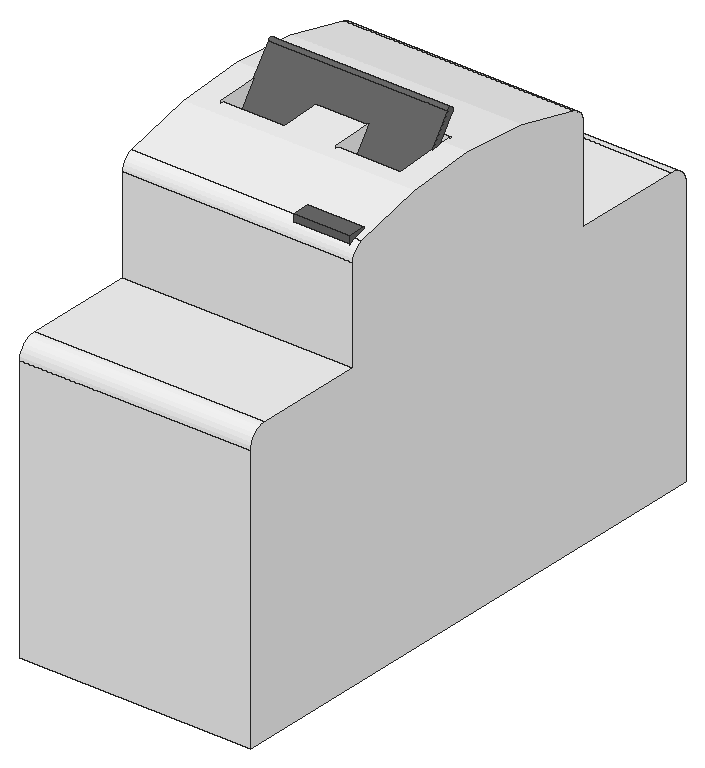
Revit family "Power-ModularDevices-GEWISS-90RCD-MDC100_2P", category Apparecchi elettrici, host Superficie, Revit 2016
Family settings
  Host = Superficie
  Mantenere orientamento annotazione = Sì
  Tipo di parte = Normale
  Quota connettore circolare = Usa diametro
  Numero OmniClass = 23.80.30.14
  Titolo OmniClass = Power Distribution
  Taglio con vuoti quando caricato = No
  Condiviso = Sì
  Punto di calcolo locali = Sì
Parameters (values of type "GW95841 - COMPACT RCBO 2P B13 10KA AIR/0,03 2M")
  Vista di pianta [instance] = yes
  Voltaggio = 230 V
  Version file RFA = "19.0"
  URL = "https://www.gewiss.com/ww/en"
  Type: = "A[IR]"
  Type = "A(IR)"
  Technical sheet = "https://www.gewiss.com/ww/en/search?q=GW95841"
  Stocking temperature = "-40 +70 °C"
  Standard; = "IEC/EN 61009-1, IEC/EN 61009-2-1"
  Standard = "EN 61009-1"
  Spessore = 150 mm
  Simbolo tipo = yes
  Simbolo [instance] = yes
  Section rigid cable = "<=1x35 - <=2x16 - <=1x16+2x10 mm²"
  Section flexible cable = "<=1x35 - <=2x16 - <=1x16+2x10 mm²"
  SEO = "RCCB"
  Realized by GEWISS S.p.A. = ""
  ReStart compatibility = "Yes"
  Rated voltage (EN/IEC 61009-1, 61009-2-1) = "230/240 V"
  Rated voltage = "230V"
  Rated tightening torque = "2 Nm"
  Rated residual operating current = "30 mA"
  Rated insulation voltage (Ui) = "500V"
  Rated impulse withstand voltage = "4KV"
  Rated frequency (Hz) = "50/60 Hz"
  Rated current: = "13A"
  Rated current (In) = "13A"
  Default Elevation = 1219.2 mm
  Produttore = "GEWISS S.p.A."
  Precision = "30 mA"
  Parti incassate = yes
  Overvoltage category = "III"
  Operating temperature = "-25 +40 °C"
  Numero di poli_ = 2
  Number of poles = "2P"
  No. of poles = "2P"
  No. of modules EN 50022 = "2"
  No. modules = "2"
  Modello = "GW95841"
  Mechanical endurance = "20.000"
  Level of immunity (8/20 Âµs) = "3000A"
  Larghezza = 36 mm  # constant formula
  Label = "MDC 100"
  Interuttore = GW - grigio scuro
  Insulation voltage = "500V"
  Immagine tipo = GW94006.jpg
  Idn = "30MA"
  IFC.TypeObject = ""
  IFC.ExportType = ""
  IFC.ExportAs = ""
  IDT = "714fe196-de76-41c7-887b-bffd1e399468"
  IDF = "5f67d62a-e56c-4c8a-898d-2f42b0347686"
  Finitura = GW - grigio chiaro
  Electrocod = "1413"
  Electrical endurance = "10000"
  EAN code = "8011564762466"
  Double connection = "YES (only down stream)"
  Distanza orizzontale del simbolo [instance] = 0 mm
  Distanza dal piano [instance] = 3 mm
  Distanza dal muro [instance] = 4.208 mm
  Descrizione = "COMPACT RCBO 2P B13 10KA AIR/0,03 2M"
  Description = "RCCB WITH OVERCURRENT PROTECTION"
  Curve = "B"
  Cornice simbolo [instance] = yes
  Catalogue Range = "90 RCD"
  Catalogue = "POWER"
  Carico apparente = 0 VA
  COBie.Tagnumber = ""
  COBie.CreatedOn = ""
  COBie.CreatebBy = ""
  COBie.ComponentRegisterItemID = ""
  COBie.Component.TagNumber = ""
  COBie.Component.Space = ""
  COBie.Component.SerialNumber = ""
  COBie.Component.InstallationDate = ""
  COBie.Component.Description = ""
  COBie.Component.BarCode = ""
  Breaking capacity EN 61009-1 230V (Icn) = "10000A"
  Breaking capacity EN 61009-1 110V (Icn) = ""
  Breaking capacity EN 61009-1 (Ics) = "0.75 x Icn"
  Breaking capacity EN 60947-2 230V (Icu) = "10KA"
  Breaking capacity EN 60947-2 110V (Icu) = ""
  Breaking capacity EN 60947-2 (Ics) = "75% Icu"
  Auxiliaries compatibility = "Yes"
  Assembly position: = "Any"
  Altezza = 85 mm
Values of the unnamed type that differ from the named types
  Version file RFA = ""
  Stocking temperature = ""
  Standard; = ""
  Standard = ""
  Section rigid cable = ""
  Section flexible cable = ""
  SEO = ""
  ReStart compatibility = ""
  Rated tightening torque = ""
  Rated insulation voltage (Ui) = ""
  Rated impulse withstand voltage = ""
  Rated frequency (Hz) = ""
  Overvoltage category = ""
  Operating temperature = ""
  Number of poles = ""
  No. of poles = ""
  No. of modules EN 50022 = ""
  No. modules = ""
  Mechanical endurance = ""
  Insulation voltage = ""
  IDF = ""
  Electrocod = ""
  Electrical endurance = ""
  Double connection = ""
  Description = ""
  Catalogue Range = ""
  Catalogue = ""
  Breaking capacity EN 61009-1 (Ics) = ""
  Breaking capacity EN 60947-2 (Ics) = ""
  Auxiliaries compatibility = ""
  Assembly position: = ""
Reference planes
  plane 1 "Centro (Fronte/Retro)": y = 0
  plane 2: z = 0
  plane 3 "Centro (Sinistra/Destra)": x = 0
  plane 4: x = -18
  plane 5: x = 18
  plane 6: y = 42.5
  plane 7: y = -42.5
  plane 8: z = 60
  plane 9 "fori": z = -7
  plane 10: x = 4
  plane 11: x = -4
  plane 12 "scritta": z = 11.951
  plane 13: z = 76.771
  plane 14: y = -24.168
  plane 15: y = -19.765
  plane 16: x = -13.969
  plane 17: x = -5.87
  plane 18: x = 16.787
  plane 19: x = 8.031
  plane 20: z = -51.441
  plane 21: z = 1.622
  plane 22: z = 8.951
  plane 23: z = 14.352
  plane 24: through (0, -3.625, 76.111) normal (0, -0.809, 0.5878)
  plane 25: y = -8.226
  plane 26: y = 1.53
  plane 27: y = -22.5
  plane 28: y = 22.5
  plane 29: x = 14.016
  plane 30: z = 10.64
  plane 31: x = 0
  plane 32: z = -10
Forms (mm)
  Extrusion 1, solid, material "GW - grigio chiaro" <- "Finitura"
    sketch origin (0, 0, 15.559) x (0, 1, 0) y (0, 0, 1)
      loop
        line (39.866, -22.559) -> (22.5, -22.559) -> (22.5, -7.841)
        arc (22.5, -7.841) -> (21.957, -6.404) -> (20.702, -5.517) r 2.623
        arc (20.702, -5.517) -> (-0.001, -2.199) -> (-20.704, -5.517) r 66.237
        arc (-20.704, -5.517) -> (-21.952, -6.396) -> (-22.5, -7.82) r 2.623
        line (-22.5, -7.82) -> (-22.5, -22.559) -> (-39.676, -22.559)
        arc (-39.676, -22.559) -> (-41.673, -23.386) -> (-42.5, -25.383) r 2.824
        line (-42.5, -25.383) -> (-42.5, -67) -> (42.5, -67) -> (42.5, -25.193)
        arc (42.5, -25.193) -> (41.728, -23.33) -> (39.866, -22.559) r 2.634
    from -18 to 18
  Extrusion 2, solid, material "GW - grigio scuro" <- "Interuttore"
    sketch origin (0, 0, 11.951) x (0, -1, 0) y (1, 0, 0)
      loop
        line (21.557, 8.031) -> (21.557, 16.787) -> (18.792, 16.787) -> (18.792, 8.031) -> (21.557, 8.031)
    from -3 to -1.31
  Extrusion 3, void
    sketch origin (0, 0, 11.951) x (0, -1, 0) y (1, 0, 0)
      loop
        line (8.226, -13.969) -> (8.226, -4) -> (-1.53, -4) -> (-1.53, -13.969) -> (8.226, -13.969)
      loop
        line (8.226, 4) -> (8.226, 14.016) -> (-1.53, 14.016) -> (-1.53, 4) -> (8.226, 4)
    from -3 to 2.401
  Extrusion 4, solid, material "GW - grigio scuro" <- "Interuttore"
    sketch origin (0, 0, -67) x (0, 1, 0) y (0, 0, 1)
      loop
        line (-3.741, 75.951) -> (1.868, 83.671)
        arc (1.868, 83.671) -> (1.773, 84.475) -> (0.978, 84.317) r 0.552
        line (0.978, 84.317) -> (-5.101, 75.951) -> (-3.741, 75.951)
    from -13.969 to 14.016
  Extrusion 5, solid, material "GW - grigio scuro" <- "Interuttore", not visible
    sketch origin (-4.72, 0, 0) x (0, 1, 0) y (0, 0, 1)
      loop
        line (-3.741, 75.951) -> (1.868, 83.671)
        arc (1.868, 83.671) -> (1.773, 84.475) -> (0.978, 84.317) r 0.552
        line (0.978, 84.317) -> (-5.101, 75.951) -> (-3.741, 75.951)
    from -13.969 to 14.016
Cuts and joins
  Extrusion 3 cuts Extrusion 1
Lines and regions (mm)
  Masking region 1, visible <- "Vista di pianta"
    outline origin (0, 0, 0) x (1, 0, 0) y (0, 0, 1)
      loop
        line (-18, 14.352) -> (-18, -51.441) -> (18, -51.441) -> (18, 14.352) -> (-18, 14.352)
  Masking region 2
    outline origin (0, 0, 0) x (0, 1, 0) y (0, 0, 1)
      loop
        line (42.5, -51.441) -> (42.5, -9.634)
        arc (42.5, -9.634) -> (41.728, -7.772) -> (39.866, -7) r 2.634
        line (39.866, -7) -> (22.5, -7) -> (22.5, 7.718)
        arc (22.5, 7.718) -> (21.957, 9.155) -> (20.702, 10.041) r 2.623
        arc (20.702, 10.041) -> (-0.001, 13.36) -> (-20.704, 10.041) r 66.237
        arc (-20.704, 10.041) -> (-21.952, 9.163) -> (-22.5, 7.738) r 2.623
        line (-22.5, 7.738) -> (-22.5, -7) -> (-39.676, -7)
        arc (-39.676, -7) -> (-41.673, -7.827) -> (-42.5, -9.824) r 2.824
        line (-42.5, -9.824) -> (-42.5, -51.441) -> (42.5, -51.441)
  model lines, not visible, detail levels medium+fine
    curve 1: circle (9, -31.836, 66.346) r 2.5 normal (0, 0, -1)
    curve 2: circle (-9, -31.836, 66.346) r 2.5 normal (0, 0, -1)
  model lines, detail levels medium+fine
    curve 3: circle (9, 33.75, -7) r 2.5 normal (0, 0, -1)
    curve 4: circle (-9, 33.75, -7) r 2.5 normal (0, 0, -1)
    curve 287: circle (9, -33.75, -7) r 2.5 normal (0, 0, 1)
    curve 288: circle (-9, -33.75, -7) r 2.5 normal (0, 0, 1)
  symbolic lines, style "GW - SCRITTA", detail levels fine
    curve 5: arc (-15.165, -21.823, 11.951) -> (-17.595, -19.39, 11.951) -> (-15.161, -16.962, 11.951) r 2.43
    curve 6: arc (2.833, -21.823, 11.951) -> (4.397, -20.632, 11.951) -> (4.872, -18.725, 11.951) r 2.964
    curve 7: arc (2.546, -16.962, 11.951) -> (3.73, -17.451, 11.951) -> (4.69, -18.298, 11.951) r 3.884
    curve 12: line (-14.125, -18.725, 11.951) -> (-14.125, -21.823, 11.951)
    curve 13: line (-14.125, -16.962, 11.951) -> (-14.125, -18.298, 11.951)
    curve 14: line (-14.125, -18.298, 11.951) -> (-15.887, -18.298, 11.951)
    curve 15: line (-15.887, -18.298, 11.951) -> (-15.887, -20.487, 11.951)
    curve 16: line (-15.458, -20.487, 11.951) -> (-15.458, -18.725, 11.951)
    curve 17: line (-15.458, -18.725, 11.951) -> (-14.125, -18.725, 11.951)
    curve 18: line (-9.932, -21.823, 11.951) -> (-13.697, -21.823, 11.951)
    curve 19: line (-13.697, -21.823, 11.951) -> (-13.697, -16.962, 11.951)
    curve 20: line (-13.697, -16.962, 11.951) -> (-11.694, -16.962, 11.951)
    curve 21: line (-11.694, -16.962, 11.951) -> (-11.694, -18.297, 11.951)
    curve 22: line (-12.363, -18.724, 11.951) -> (-9.932, -18.724, 11.951)
    curve 23: line (-9.932, -18.724, 11.951) -> (-9.932, -20.06, 11.951)
    curve 24: line (-9.932, -20.06, 11.951) -> (-12.362, -20.06, 11.951)
    curve 25: line (-12.362, -20.487, 11.951) -> (-9.932, -20.487, 11.951)
    curve 26: line (-9.932, -20.487, 11.951) -> (-9.932, -21.823, 11.951)
    curve 27: line (-3.122, -21.823, 11.951) -> (-3.122, -18.725, 11.951)
    curve 28: line (-3.122, -18.725, 11.951) -> (-4.457, -18.725, 11.951)
    curve 29: line (-4.457, -18.725, 11.951) -> (-4.457, -21.823, 11.951)
    curve 30: line (-4.457, -21.823, 11.951) -> (-3.122, -21.823, 11.951)
    curve 31: line (-7.595, -21.823, 11.951) -> (-7.195, -19.82, 11.951)
    curve 32: line (-7.195, -19.82, 11.951) -> (-6.794, -21.823, 11.951)
    curve 33: line (-6.794, -21.823, 11.951) -> (-5.459, -21.823, 11.951)
    curve 34: line (-5.459, -21.823, 11.951) -> (-4.631, -18.298, 11.951)
    curve 35: line (-4.631, -18.298, 11.951) -> (-3.122, -18.298, 11.951)
    curve 36: line (-3.122, -18.298, 11.951) -> (-3.122, -16.962, 11.951)
    curve 37: line (-3.122, -16.962, 11.951) -> (-5.686, -16.962, 11.951)
    curve 38: line (-5.686, -16.962, 11.951) -> (-6.166, -19.018, 11.951)
    curve 39: line (-6.166, -19.018, 11.951) -> (-6.5, -16.962, 11.951)
    curve 40: line (-6.5, -16.962, 11.951) -> (-7.889, -16.962, 11.951)
    curve 41: line (-7.889, -16.962, 11.951) -> (-8.223, -19.018, 11.951)
    curve 42: line (-8.223, -19.018, 11.951) -> (-8.703, -16.962, 11.951)
    curve 43: line (-8.703, -16.962, 11.951) -> (-11.267, -16.962, 11.951)
    curve 44: line (-11.267, -16.962, 11.951) -> (-11.267, -18.298, 11.951)
    curve 45: line (-11.267, -18.298, 11.951) -> (-9.758, -18.298, 11.951)
    curve 46: line (-9.758, -18.298, 11.951) -> (-8.932, -21.823, 11.951)
    curve 47: line (-8.932, -21.823, 11.951) -> (-7.595, -21.823, 11.951)
    curve 48: line (1.071, -16.962, 11.951) -> (-2.695, -16.962, 11.951)
    curve 49: line (-2.695, -16.962, 11.951) -> (-2.695, -20.06, 11.951)
    curve 50: line (-2.695, -20.06, 11.951) -> (-0.265, -20.06, 11.951)
    curve 51: line (-0.265, -20.487, 11.951) -> (-2.695, -20.487, 11.951)
    curve 52: line (-2.695, -20.487, 11.951) -> (-2.695, -21.823, 11.951)
    curve 53: line (-2.695, -21.823, 11.951) -> (1.071, -21.823, 11.951)
    curve 54: line (1.071, -21.823, 11.951) -> (1.071, -18.725, 11.951)
    curve 55: line (1.071, -18.725, 11.951) -> (-1.359, -18.725, 11.951)
    curve 56: line (-1.359, -18.298, 11.951) -> (1.071, -18.298, 11.951)
    curve 57: line (1.071, -18.298, 11.951) -> (1.071, -16.962, 11.951)
    curve 58: line (1.498, -16.962, 11.951) -> (1.498, -20.06, 11.951)
    curve 59: line (1.498, -20.06, 11.951) -> (3.764, -20.06, 11.951)
    curve 60: line (3.764, -20.487, 11.951) -> (1.498, -20.487, 11.951)
    curve 61: line (1.498, -20.487, 11.951) -> (1.498, -21.823, 11.951)
    curve 62: line (1.498, -21.823, 11.951) -> (2.833, -21.823, 11.951)
    curve 135: line (-15.161, -16.962, 11.951) -> (-14.125, -16.962, 11.951)
    curve 136: line (-15.165, -21.823, 11.951) -> (-14.125, -21.823, 11.951)
    curve 137: line (-15.887, -20.487, 11.951) -> (-15.458, -20.487, 11.951)
    curve 138: line (-11.694, -18.297, 11.951) -> (-12.363, -18.297, 11.951)
    curve 139: line (-12.363, -18.724, 11.951) -> (-12.363, -18.297, 11.951)
    curve 140: line (-12.362, -20.487, 11.951) -> (-12.362, -20.06, 11.951)
    curve 141: line (-1.359, -18.725, 11.951) -> (-1.359, -18.298, 11.951)
    curve 142: line (-0.265, -20.06, 11.951) -> (-0.265, -20.487, 11.951)
    curve 143: line (1.498, -16.962, 11.951) -> (2.546, -16.962, 11.951)
  symbolic lines, style "GW - SCRITTA", detail levels medium+fine
    curve 8: line (8.031, -21.557, 11.951) -> (8.031, -18.792, 11.951)
    curve 9: line (8.031, -18.792, 11.951) -> (16.787, -18.792, 11.951)
    curve 10: line (16.787, -18.792, 11.951) -> (16.787, -21.557, 11.951)
    curve 11: line (16.787, -21.557, 11.951) -> (8.031, -21.557, 11.951)
    curve 67: line (-17.749, 1.53, 11.951) -> (17.796, 1.53, 11.951)
    curve 68: line (-13.969, -8.226, 11.951) -> (-13.969, 1.53, 11.951)
    curve 69: line (-3.984, -2.97, 11.951) -> (-13.969, -2.97, 11.951)
    curve 70: line (-3.984, -4.97, 11.951) -> (-13.969, -4.97, 11.951)
    curve 71: line (-3.984, 1.53, 11.951) -> (-3.984, -8.226, 11.951)
    curve 73: line (4.031, -8.226, 11.951) -> (4.031, 1.53, 11.951)
    curve 75: line (14.016, -2.97, 11.951) -> (4.031, -2.97, 11.951)
    curve 76: line (14.016, -4.97, 11.951) -> (4.031, -4.97, 11.951)
    curve 77: line (14.016, 1.53, 11.951) -> (14.016, -8.226, 11.951)
  symbolic lines, style "PLANIMETRIA", detail levels fine
    curve 63: line (4.872, -18.725, 11.951) -> (2.833, -18.725, 11.951)
    curve 64: line (2.833, -18.298, 11.951) -> (4.69, -18.298, 11.951)
  symbolic lines, style "GW - SCRITTA"
    curve 65: line (-18, 22.5, 11.951) -> (18, 22.5, 11.951)
    curve 66: line (-18, -13.226, 11.951) -> (18, -13.226, 11.951)
    curve 74: line (-18, -8.226, 11.951) -> (18, -8.226, 11.951)
    curve 130: line (-18, 11.03, 11.951) -> (18, 11.03, 11.951)
  symbolic lines, style "PLANIMETRIA"
    curve 72: line (-18, -22.5, 11.951) -> (18, -22.5, 11.951)
    curve 132: line (-18, 22.5, 11.951) -> (-18, -22.5, 11.951)
    curve 133: line (18, -22.5, 11.951) -> (18, 22.5, 11.951)
  symbolic lines, style "GW - SCRITTA", visible <- "Parti incassate"
    curve 78: line (18, -42.5, 11.951) -> (18, -22.5, 11.951)
    curve 79: line (18, 42.5, 11.951) -> (-18, 42.5, 11.951)
    curve 80: line (-18, 42.5, 11.951) -> (-18, 22.5, 11.951)
    curve 81: line (-18, -42.5, 11.951) -> (18, -42.5, 11.951)
    curve 131: line (18, 22.5, 11.951) -> (18, 42.5, 11.951)
    curve 134: line (-18, -22.5, 11.951) -> (-18, -42.5, 11.951)
  symbolic lines, style "GW - SCRITTA", visible <- "Parti incassate", detail levels fine
    curve 82: line (-9, 31.163, 11.951) -> (-10.293, 31.51, 11.951)
    curve 83: line (-10.293, 31.51, 11.951) -> (-11.24, 32.457, 11.951)
    curve 84: line (-11.24, 32.457, 11.951) -> (-11.587, 33.75, 11.951)
    curve 85: line (-11.587, 33.75, 11.951) -> (-11.24, 35.043, 11.951)
    curve 86: line (-11.24, 35.043, 11.951) -> (-10.293, 35.99, 11.951)
    curve 87: line (-10.293, 35.99, 11.951) -> (-9, 36.337, 11.951)
    curve 88: line (-9, 36.337, 11.951) -> (-7.707, 35.99, 11.951)
    curve 89: line (-7.707, 35.99, 11.951) -> (-6.76, 35.043, 11.951)
    curve 90: line (-6.76, 35.043, 11.951) -> (-6.413, 33.75, 11.951)
    curve 91: line (-6.413, 33.75, 11.951) -> (-6.76, 32.457, 11.951)
    curve 92: line (-6.76, 32.457, 11.951) -> (-7.707, 31.51, 11.951)
    curve 93: line (-7.707, 31.51, 11.951) -> (-9, 31.163, 11.951)
    curve 94: line (-9, -36.337, 11.951) -> (-10.293, -35.99, 11.951)
    curve 95: line (-10.293, -35.99, 11.951) -> (-11.24, -35.043, 11.951)
    curve 96: line (-11.24, -35.043, 11.951) -> (-11.587, -33.75, 11.951)
    curve 97: line (-11.587, -33.75, 11.951) -> (-11.24, -32.457, 11.951)
    curve 98: line (-11.24, -32.457, 11.951) -> (-10.293, -31.51, 11.951)
    curve 99: line (-10.293, -31.51, 11.951) -> (-9, -31.163, 11.951)
    curve 100: line (-9, -31.163, 11.951) -> (-7.707, -31.51, 11.951)
    curve 101: line (-7.707, -31.51, 11.951) -> (-6.76, -32.457, 11.951)
    curve 102: line (-6.76, -32.457, 11.951) -> (-6.413, -33.75, 11.951)
    curve 103: line (-6.413, -33.75, 11.951) -> (-6.76, -35.043, 11.951)
    curve 104: line (-6.76, -35.043, 11.951) -> (-7.707, -35.99, 11.951)
    curve 105: line (-7.707, -35.99, 11.951) -> (-9, -36.337, 11.951)
    curve 106: line (9, 31.163, 11.951) -> (10.293, 31.51, 11.951)
    curve 107: line (10.293, 31.51, 11.951) -> (11.24, 32.457, 11.951)
    curve 108: line (11.24, 32.457, 11.951) -> (11.587, 33.75, 11.951)
    curve 109: line (11.587, 33.75, 11.951) -> (11.24, 35.043, 11.951)
    curve 110: line (11.24, 35.043, 11.951) -> (10.293, 35.99, 11.951)
    curve 111: line (10.293, 35.99, 11.951) -> (9, 36.337, 11.951)
    curve 112: line (9, 36.337, 11.951) -> (7.707, 35.99, 11.951)
    curve 113: line (7.707, 35.99, 11.951) -> (6.76, 35.043, 11.951)
    curve 114: line (6.76, 35.043, 11.951) -> (6.413, 33.75, 11.951)
    curve 115: line (6.413, 33.75, 11.951) -> (6.76, 32.457, 11.951)
    curve 116: line (6.76, 32.457, 11.951) -> (7.707, 31.51, 11.951)
    curve 117: line (7.707, 31.51, 11.951) -> (9, 31.163, 11.951)
    curve 118: line (9, -36.337, 11.951) -> (10.293, -35.99, 11.951)
    curve 119: line (10.293, -35.99, 11.951) -> (11.24, -35.043, 11.951)
    curve 120: line (11.24, -35.043, 11.951) -> (11.587, -33.75, 11.951)
    curve 121: line (11.587, -33.75, 11.951) -> (11.24, -32.457, 11.951)
    curve 122: line (11.24, -32.457, 11.951) -> (10.293, -31.51, 11.951)
    curve 123: line (10.293, -31.51, 11.951) -> (9, -31.163, 11.951)
    curve 124: line (9, -31.163, 11.951) -> (7.707, -31.51, 11.951)
    curve 125: line (7.707, -31.51, 11.951) -> (6.76, -32.457, 11.951)
    curve 126: line (6.76, -32.457, 11.951) -> (6.413, -33.75, 11.951)
    curve 127: line (6.413, -33.75, 11.951) -> (6.76, -35.043, 11.951)
    curve 128: line (6.76, -35.043, 11.951) -> (7.707, -35.99, 11.951)
    curve 129: line (7.707, -35.99, 11.951) -> (9, -36.337, 11.951)
  symbolic lines, style "InvisibleLines", detail levels fine
    curve 144: line (2.833, -18.298, 11.951) -> (2.833, -18.725, 11.951)
    curve 145: line (3.764, -20.06, 11.951) -> (3.764, -20.487, 11.951)
  symbolic lines, style "GW - SCRITTA", not visible, detail levels fine
    curve 146: arc (84.635, 64.706, 11.951) -> (82.205, 67.138, 11.951) -> (84.639, 69.566, 11.951) r 2.43
    curve 147: arc (102.633, 64.706, 11.951) -> (104.197, 65.897, 11.951) -> (104.672, 67.804, 11.951) r 2.964
    curve 148: arc (102.346, 69.566, 11.951) -> (103.53, 69.078, 11.951) -> (104.49, 68.231, 11.951) r 3.884
    curve 153: line (85.675, 67.804, 11.951) -> (85.675, 64.706, 11.951)
    curve 154: line (85.675, 69.566, 11.951) -> (85.675, 68.231, 11.951)
    curve 155: line (85.675, 68.231, 11.951) -> (83.913, 68.231, 11.951)
    curve 156: line (83.913, 68.231, 11.951) -> (83.913, 66.041, 11.951)
    curve 157: line (84.342, 66.041, 11.951) -> (84.342, 67.804, 11.951)
    curve 158: line (84.342, 67.804, 11.951) -> (85.675, 67.804, 11.951)
    curve 159: line (89.868, 64.706, 11.951) -> (86.103, 64.706, 11.951)
    curve 160: line (86.103, 64.706, 11.951) -> (86.103, 69.566, 11.951)
    curve 161: line (86.103, 69.566, 11.951) -> (88.106, 69.566, 11.951)
    curve 162: line (88.106, 69.566, 11.951) -> (88.106, 68.231, 11.951)
    curve 163: line (87.437, 67.804, 11.951) -> (89.868, 67.804, 11.951)
    curve 164: line (89.868, 67.804, 11.951) -> (89.868, 66.468, 11.951)
    curve 165: line (89.868, 66.468, 11.951) -> (87.438, 66.468, 11.951)
    curve 166: line (87.438, 66.041, 11.951) -> (89.868, 66.041, 11.951)
    curve 167: line (89.868, 66.041, 11.951) -> (89.868, 64.706, 11.951)
    curve 168: line (96.678, 64.706, 11.951) -> (96.678, 67.804, 11.951)
    curve 169: line (96.678, 67.804, 11.951) -> (95.343, 67.804, 11.951)
    curve 170: line (95.343, 67.804, 11.951) -> (95.343, 64.706, 11.951)
    curve 171: line (95.343, 64.706, 11.951) -> (96.678, 64.706, 11.951)
    curve 172: line (92.205, 64.706, 11.951) -> (92.605, 66.709, 11.951)
    curve 173: line (92.605, 66.709, 11.951) -> (93.006, 64.706, 11.951)
    curve 174: line (93.006, 64.706, 11.951) -> (94.341, 64.706, 11.951)
    curve 175: line (94.341, 64.706, 11.951) -> (95.169, 68.231, 11.951)
    curve 176: line (95.169, 68.231, 11.951) -> (96.678, 68.231, 11.951)
    curve 177: line (96.678, 68.231, 11.951) -> (96.678, 69.566, 11.951)
    curve 178: line (96.678, 69.566, 11.951) -> (94.114, 69.566, 11.951)
    curve 179: line (94.114, 69.566, 11.951) -> (93.634, 67.51, 11.951)
    curve 180: line (93.634, 67.51, 11.951) -> (93.3, 69.566, 11.951)
    curve 181: line (93.3, 69.566, 11.951) -> (91.911, 69.566, 11.951)
    curve 182: line (91.911, 69.566, 11.951) -> (91.577, 67.51, 11.951)
    curve 183: line (91.577, 67.51, 11.951) -> (91.097, 69.566, 11.951)
    curve 184: line (91.097, 69.566, 11.951) -> (88.533, 69.566, 11.951)
    curve 185: line (88.533, 69.566, 11.951) -> (88.533, 68.231, 11.951)
    curve 186: line (88.533, 68.231, 11.951) -> (90.042, 68.231, 11.951)
    curve 187: line (90.042, 68.231, 11.951) -> (90.868, 64.706, 11.951)
    curve 188: line (90.868, 64.706, 11.951) -> (92.205, 64.706, 11.951)
    curve 189: line (100.871, 69.566, 11.951) -> (97.105, 69.566, 11.951)
    curve 190: line (97.105, 69.566, 11.951) -> (97.105, 66.469, 11.951)
    curve 191: line (97.105, 66.469, 11.951) -> (99.535, 66.469, 11.951)
    curve 192: line (99.535, 66.041, 11.951) -> (97.105, 66.041, 11.951)
    curve 193: line (97.105, 66.041, 11.951) -> (97.105, 64.706, 11.951)
    curve 194: line (97.105, 64.706, 11.951) -> (100.871, 64.706, 11.951)
    curve 195: line (100.871, 64.706, 11.951) -> (100.871, 67.804, 11.951)
    curve 196: line (100.871, 67.804, 11.951) -> (98.441, 67.804, 11.951)
    curve 197: line (98.441, 68.231, 11.951) -> (100.871, 68.231, 11.951)
    curve 198: line (100.871, 68.231, 11.951) -> (100.871, 69.566, 11.951)
    curve 199: line (101.298, 69.566, 11.951) -> (101.298, 66.469, 11.951)
    curve 200: line (101.298, 66.469, 11.951) -> (103.564, 66.469, 11.951)
    curve 201: line (103.564, 66.041, 11.951) -> (101.298, 66.041, 11.951)
    curve 202: line (101.298, 66.041, 11.951) -> (101.298, 64.706, 11.951)
    curve 203: line (101.298, 64.706, 11.951) -> (102.633, 64.706, 11.951)
    curve 276: line (84.639, 69.566, 11.951) -> (85.675, 69.566, 11.951)
    curve 277: line (84.635, 64.706, 11.951) -> (85.675, 64.706, 11.951)
    curve 278: line (83.913, 66.041, 11.951) -> (84.342, 66.041, 11.951)
    curve 279: line (88.106, 68.231, 11.951) -> (87.437, 68.231, 11.951)
    curve 280: line (87.437, 67.804, 11.951) -> (87.437, 68.231, 11.951)
    curve 281: line (87.438, 66.041, 11.951) -> (87.438, 66.468, 11.951)
    curve 282: line (98.441, 67.804, 11.951) -> (98.441, 68.231, 11.951)
    curve 283: line (99.535, 66.469, 11.951) -> (99.535, 66.041, 11.951)
    curve 284: line (101.298, 69.566, 11.951) -> (102.346, 69.566, 11.951)
  symbolic lines, style "GW - SCRITTA", not visible, detail levels medium+fine
    curve 149: line (107.831, 64.972, 11.951) -> (107.831, 67.737, 11.951)
    curve 150: line (107.831, 67.737, 11.951) -> (116.587, 67.737, 11.951)
    curve 151: line (116.587, 67.737, 11.951) -> (116.587, 64.972, 11.951)
    curve 152: line (116.587, 64.972, 11.951) -> (107.831, 64.972, 11.951)
    curve 208: line (82.051, 88.058, 11.951) -> (117.596, 88.058, 11.951)
    curve 209: line (85.832, 78.303, 11.951) -> (85.832, 88.058, 11.951)
    curve 210: line (95.816, 83.558, 11.951) -> (85.832, 83.558, 11.951)
    curve 211: line (95.816, 81.558, 11.951) -> (85.832, 81.558, 11.951)
    curve 212: line (95.816, 88.058, 11.951) -> (95.816, 78.303, 11.951)
    curve 214: line (103.832, 78.303, 11.951) -> (103.832, 88.058, 11.951)
    curve 216: line (113.816, 83.558, 11.951) -> (103.832, 83.558, 11.951)
    curve 217: line (113.816, 81.558, 11.951) -> (103.832, 81.558, 11.951)
    curve 218: line (113.816, 88.058, 11.951) -> (113.816, 78.303, 11.951)
  symbolic lines, style "PLANIMETRIA", not visible, detail levels fine
    curve 204: line (104.672, 67.804, 11.951) -> (102.633, 67.804, 11.951)
    curve 205: line (102.633, 68.231, 11.951) -> (104.49, 68.231, 11.951)
  symbolic lines, style "GW - SCRITTA", not visible
    curve 206: line (81.8, 109.029, 11.951) -> (117.8, 109.029, 11.951)
    curve 207: line (81.8, 73.303, 11.951) -> (117.8, 73.303, 11.951)
    curve 215: line (81.8, 78.303, 11.951) -> (117.8, 78.303, 11.951)
    curve 271: line (81.8, 97.558, 11.951) -> (117.8, 97.558, 11.951)
  symbolic lines, style "PLANIMETRIA", not visible
    curve 213: line (81.8, 64.029, 11.951) -> (117.8, 64.029, 11.951)
    curve 273: line (81.8, 109.029, 11.951) -> (81.8, 64.029, 11.951)
    curve 274: line (117.8, 64.029, 11.951) -> (117.8, 109.029, 11.951)
  symbolic lines, style "GW - SCRITTA", visible <- "Parti incassate", not visible
    curve 219: line (117.8, 44.029, 11.951) -> (117.8, 64.029, 11.951)
    curve 220: line (117.8, 129.029, 11.951) -> (81.8, 129.029, 11.951)
    curve 221: line (81.8, 129.029, 11.951) -> (81.8, 109.029, 11.951)
    curve 222: line (81.8, 44.029, 11.951) -> (117.8, 44.029, 11.951)
    curve 272: line (117.8, 109.029, 11.951) -> (117.8, 129.029, 11.951)
    curve 275: line (81.8, 64.029, 11.951) -> (81.8, 44.029, 11.951)
  symbolic lines, style "GW - SCRITTA", visible <- "Parti incassate", not visible, detail levels fine
    curve 223: line (90.8, 117.692, 11.951) -> (89.507, 118.038, 11.951)
    curve 224: line (89.507, 118.038, 11.951) -> (88.56, 118.985, 11.951)
    curve 225: line (88.56, 118.985, 11.951) -> (88.213, 120.279, 11.951)
    curve 226: line (88.213, 120.279, 11.951) -> (88.56, 121.572, 11.951)
    curve 227: line (88.56, 121.572, 11.951) -> (89.507, 122.519, 11.951)
    curve 228: line (89.507, 122.519, 11.951) -> (90.8, 122.865, 11.951)
    curve 229: line (90.8, 122.865, 11.951) -> (92.093, 122.519, 11.951)
    curve 230: line (92.093, 122.519, 11.951) -> (93.04, 121.572, 11.951)
    curve 231: line (93.04, 121.572, 11.951) -> (93.387, 120.279, 11.951)
    curve 232: line (93.387, 120.279, 11.951) -> (93.04, 118.985, 11.951)
    curve 233: line (93.04, 118.985, 11.951) -> (92.093, 118.038, 11.951)
    curve 234: line (92.093, 118.038, 11.951) -> (90.8, 117.692, 11.951)
    curve 235: line (90.8, 50.192, 11.951) -> (89.507, 50.538, 11.951)
    curve 236: line (89.507, 50.538, 11.951) -> (88.56, 51.485, 11.951)
    curve 237: line (88.56, 51.485, 11.951) -> (88.213, 52.779, 11.951)
    curve 238: line (88.213, 52.779, 11.951) -> (88.56, 54.072, 11.951)
    curve 239: line (88.56, 54.072, 11.951) -> (89.507, 55.019, 11.951)
    curve 240: line (89.507, 55.019, 11.951) -> (90.8, 55.365, 11.951)
    curve 241: line (90.8, 55.365, 11.951) -> (92.093, 55.019, 11.951)
    curve 242: line (92.093, 55.019, 11.951) -> (93.04, 54.072, 11.951)
    curve 243: line (93.04, 54.072, 11.951) -> (93.387, 52.779, 11.951)
    curve 244: line (93.387, 52.779, 11.951) -> (93.04, 51.485, 11.951)
    curve 245: line (93.04, 51.485, 11.951) -> (92.093, 50.538, 11.951)
    curve 246: line (92.093, 50.538, 11.951) -> (90.8, 50.192, 11.951)
    curve 247: line (108.8, 117.692, 11.951) -> (110.093, 118.038, 11.951)
    curve 248: line (110.093, 118.038, 11.951) -> (111.04, 118.985, 11.951)
    curve 249: line (111.04, 118.985, 11.951) -> (111.387, 120.279, 11.951)
    curve 250: line (111.387, 120.279, 11.951) -> (111.04, 121.572, 11.951)
    curve 251: line (111.04, 121.572, 11.951) -> (110.093, 122.519, 11.951)
    curve 252: line (110.093, 122.519, 11.951) -> (108.8, 122.865, 11.951)
    curve 253: line (108.8, 122.865, 11.951) -> (107.507, 122.519, 11.951)
    curve 254: line (107.507, 122.519, 11.951) -> (106.56, 121.572, 11.951)
    curve 255: line (106.56, 121.572, 11.951) -> (106.213, 120.279, 11.951)
    curve 256: line (106.213, 120.279, 11.951) -> (106.56, 118.985, 11.951)
    curve 257: line (106.56, 118.985, 11.951) -> (107.507, 118.038, 11.951)
    curve 258: line (107.507, 118.038, 11.951) -> (108.8, 117.692, 11.951)
    curve 259: line (108.8, 50.192, 11.951) -> (110.093, 50.538, 11.951)
    curve 260: line (110.093, 50.538, 11.951) -> (111.04, 51.485, 11.951)
    curve 261: line (111.04, 51.485, 11.951) -> (111.387, 52.779, 11.951)
    curve 262: line (111.387, 52.779, 11.951) -> (111.04, 54.072, 11.951)
    curve 263: line (111.04, 54.072, 11.951) -> (110.093, 55.019, 11.951)
    curve 264: line (110.093, 55.019, 11.951) -> (108.8, 55.365, 11.951)
    curve 265: line (108.8, 55.365, 11.951) -> (107.507, 55.019, 11.951)
    curve 266: line (107.507, 55.019, 11.951) -> (106.56, 54.072, 11.951)
    curve 267: line (106.56, 54.072, 11.951) -> (106.213, 52.779, 11.951)
    curve 268: line (106.213, 52.779, 11.951) -> (106.56, 51.485, 11.951)
    curve 269: line (106.56, 51.485, 11.951) -> (107.507, 50.538, 11.951)
    curve 270: line (107.507, 50.538, 11.951) -> (108.8, 50.192, 11.951)
  symbolic lines, style "InvisibleLines", not visible, detail levels fine
    curve 285: line (102.633, 68.231, 11.951) -> (102.633, 67.804, 11.951)
    curve 286: line (103.564, 66.469, 11.951) -> (103.564, 66.041, 11.951)
Dimensions and locks
  equal spacing: plane 6, plane 1 "Centro (Fronte/Retro)", plane 7
  equal spacing: plane 4, plane 3 "Centro (Sinistra/Destra)", plane 5
  "Larghezza": plane 4 to plane 5
  "Altezza": plane 6 to plane 7
  plane 7 to plane 6 = 85 mm
  locked: plane 20 to plane 9 "fori" at 44.441
  "Distanza dal piano": plane 9 "fori" to plane 32
  locked: plane 9 "fori" to plane 21 at 8.622
  locked: plane 22 to plane 21 at 7.329
  locked: plane 23 to plane 22 at 5.401
  locked: plane 12 "scritta" to plane 22 at 3
  locked: plane 1 "Centro (Fronte/Retro)" to plane 26 at 1.53
  locked: plane 25 to plane 1 "Centro (Fronte/Retro)" at 8.226
  plane 3 "Centro (Sinistra/Destra)" to Extrusion 3 = 4 mm
  locked: plane 28 to plane 27 at 45
  plane 27 to plane 28 = 45 mm
  locked: plane 12 "scritta" to plane 30 at 1.31
  "Distanza orizzontale del simbolo": plane 3 "Centro (Sinistra/Destra)" to plane 31
  locked: plane 2 to plane 32 at 10
  aligned and locked: plane 2 to host face
  aligned and locked: level to host face
  aligned and locked: Extrusion 1 to plane 4
  aligned and locked: plane 5 to Extrusion 1
  aligned and locked: Extrusion 1 to plane 9 "fori"  (x2)
  aligned and locked: plane 20 to Extrusion 1
  aligned and locked: Extrusion 2 sketch curve to plane 19
  aligned and locked: plane 18 to Extrusion 2 sketch curve
  aligned and locked: Extrusion 2 to plane 22
  aligned and locked: Extrusion 3 sketch curve to plane 25  (x2)
  aligned and locked: plane 16 to Extrusion 3 sketch curve
  aligned and locked: plane 26 to Extrusion 3 sketch curve  (x2)
  aligned and locked: Extrusion 3 to plane 22
  aligned and locked: plane 23 to Extrusion 3
  aligned and locked: Extrusion 4 to plane 22
  aligned and locked: curve 132 to plane 4
  aligned and locked: Masking region 1 sketch curve to plane 23
  aligned and locked: plane 4 to Masking region 1 sketch curve
  aligned and locked: Masking region 1 sketch curve to cut or joined group of Extrusion 1, Extrusion 3  (x2)
  aligned and locked: plane 28 to curve 65
  aligned and locked: Extrusion 1 sketch curve to plane 27
  aligned and locked: plane 28 to Extrusion 1 sketch curve
  aligned and locked: Masking region 2 sketch curve to cut or joined group of Extrusion 1, Extrusion 3  (x8)
  aligned and locked: plane 19 to curve 8
  aligned and locked: plane 16 to curve 68
  aligned and locked: Extrusion 4 to plane 16
  aligned and locked: plane 29 to curve 77
  aligned and locked: Extrusion 4 to curve 75
  aligned and locked: plane 11 to Extrusion 3 sketch curve
  aligned and locked: Extrusion 3 sketch curve to plane 10
  aligned and locked: Extrusion 3 sketch curve to plane 29
  aligned and locked: Extrusion 2 sketch curve to curve 11
  aligned and locked: Extrusion 2 sketch curve to curve 9
  aligned and locked: plane 30 to Extrusion 2
  aligned and locked: plane 31 to nested 1
  aligned and locked: curve 3 to plane 9 "fori"
  aligned and locked: plane 9 "fori" to curve 287
Automatic sketch dimensions
  host sketch curve to host sketch curve = 2438.4 mm  (x2)
  Extrusion 1 sketch curve to plane 7 = 0 mm
  plane 9 "fori" to Extrusion 1 sketch curve = 0 mm  (x2)
  Extrusion 1 sketch curve to plane 6 = 0 mm
  plane 20 to Extrusion 1 sketch curve = 0 mm
  plane 7 to Extrusion 1 sketch curve = 2.824 mm
  Extrusion 1 sketch curve to plane 15 = 0.119 mm
  plane 1 "Centro (Fronte/Retro)" to Extrusion 1 sketch curve = 0.001 mm
  plane 21 to Extrusion 1 sketch curve = 5.928 mm  (x2)
  Extrusion 1 sketch curve to Extrusion 1 sketch curve = 2.617 mm
  Extrusion 1 sketch curve to Extrusion 1 sketch curve = 2.634 mm
  plane 20 to Extrusion 1 sketch curve = 1.436 mm
  Extrusion 1 sketch curve to Extrusion 1 sketch curve = 0.168 mm
  Extrusion 1 sketch curve to Extrusion 1 sketch curve = 0.188 mm
  Extrusion 1 sketch curve to Extrusion 1 sketch curve = 0 mm
  Extrusion 4 sketch curve to Extrusion 4 sketch curve = 1.36 mm
  Extrusion 4 sketch curve to Extrusion 4 sketch curve = 0.47 mm
  Extrusion 4 sketch curve to Extrusion 4 sketch curve = 0.358 mm
  Extrusion 4 sketch curve to Extrusion 4 sketch curve = 4.719 mm
  Extrusion 4 sketch curve to Extrusion 4 sketch curve = 0.419 mm
  Extrusion 4 sketch curve to Extrusion 4 sketch curve = 7.72 mm
  Extrusion 5 sketch curve to Extrusion 5 sketch curve = 1.36 mm
  Extrusion 5 sketch curve to Extrusion 5 sketch curve = 0.47 mm
  Extrusion 5 sketch curve to Extrusion 5 sketch curve = 0.358 mm
  Extrusion 5 sketch curve to Extrusion 5 sketch curve = 4.719 mm
  Extrusion 5 sketch curve to Extrusion 5 sketch curve = 0.419 mm
  Extrusion 5 sketch curve to Extrusion 5 sketch curve = 7.72 mm
  plane 7 to Masking region 2 sketch curve = 2.824 mm
  Masking region 2 sketch curve to plane 15 = 0.119 mm
  Masking region 2 sketch curve to plane 28 = 2.617 mm
  Masking region 2 sketch curve to Masking region 2 sketch curve = 2.634 mm
  Masking region 2 sketch curve to plane 22 = 1.401 mm
  Masking region 2 sketch curve to plane 22 = 1.233 mm
  Masking region 2 sketch curve to plane 22 = 1.212 mm
  Masking region 2 sketch curve to Masking region 2 sketch curve = 0 mm
  curve 4 to curve 3 = 0 mm
  curve 4 to curve 3 = 18 mm
  curve 2 to curve 1 = 0 mm
  curve 2 to curve 1 = 18 mm
  curve 288 to curve 287 = 0 mm
  curve 288 to curve 287 = 18 mm
  curve 79 to curve 87 = 6.163 mm
  curve 79 to curve 111 = 6.163 mm
  curve 111 to curve 110 = 0.347 mm
  curve 87 to curve 87 = 0.347 mm
  curve 87 to curve 89 = 0.347 mm
  curve 111 to curve 113 = 0.347 mm
  curve 86 to curve 85 = 0.947 mm
  curve 112 to curve 113 = 0.947 mm
  curve 110 to curve 110 = 0.947 mm  (x2)
  curve 88 to curve 90 = 0.947 mm
  curve 109 to curve 108 = 1.293 mm
  curve 89 to curve 90 = 1.293 mm
  curve 113 to curve 115 = 1.293 mm
  curve 85 to curve 85 = 1.293 mm
  curve 84 to curve 84 = 1.293 mm
  curve 108 to curve 107 = 1.293 mm
  curve 90 to curve 92 = 1.293 mm
  curve 114 to curve 116 = 1.293 mm
  curve 91 to curve 92 = 0.947 mm
  curve 83 to curve 82 = 0.947 mm  (x2)
  curve 107 to curve 107 = 0.947 mm
  curve 115 to curve 116 = 0.947 mm  (x2)
  curve 92 to curve 93 = 0.347 mm
  curve 106 to curve 106 = 0.347 mm
  curve 106 to curve 65 = 9.01 mm
  curve 71 to curve 49 = 18.492 mm
  curve 37 to curve 48 = 0 mm
  curve 44 to curve 37 = 0 mm
  curve 48 to curve 143 = 0 mm
  curve 42 to curve 41 = 0 mm
  curve 135 to curve 43 = 0 mm
  curve 13 to curve 20 = 0 mm
  curve 20 to curve 138 = 1.335 mm
  curve 7 to curve 64 = 1.335 mm
  curve 13 to curve 13 = 1.335 mm
  curve 21 to curve 44 = 0 mm
  curve 36 to curve 36 = 1.335 mm
  curve 48 to curve 57 = 1.335 mm
  curve 138 to curve 139 = 0.427 mm
  curve 34 to curve 28 = 0.427 mm
  curve 64 to curve 144 = 0.427 mm
  curve 56 to curve 55 = 0.427 mm
  curve 14 to curve 16 = 0.428 mm
  curve 6 to curve 10 = 0.067 mm
  curve 54 to curve 6 = 0.278 mm
  curve 34 to curve 38 = 0.721 mm
  curve 45 to curve 41 = 0.721 mm
  curve 16 to curve 5 = 0.667 mm
  curve 41 to curve 32 = 0.801 mm
  curve 63 to curve 145 = 1.335 mm
  curve 27 to curve 49 = 1.335 mm
  curve 22 to curve 23 = 1.336 mm
  curve 50 to curve 142 = 0.427 mm
  curve 58 to curve 61 = 0.427 mm
  curve 24 to curve 140 = 0.427 mm
  curve 5 to curve 15 = 1.095 mm
  curve 60 to curve 7 = 0.26 mm
  curve 9 to curve 10 = 2.765 mm
  curve 16 to curve 136 = 1.335 mm
  curve 51 to curve 29 = 1.335 mm
  curve 25 to curve 26 = 1.335 mm
  curve 7 to curve 53 = 1.075 mm
  curve 53 to curve 61 = 0 mm
  curve 32 to curve 47 = 2.003 mm
  curve 34 to curve 29 = 0 mm
  curve 10 to curve 133 = 0.943 mm
  curve 8 to curve 124 = 9.606 mm
  curve 46 to curve 99 = 9.341 mm
  curve 99 to curve 98 = 0.347 mm
  curve 124 to curve 125 = 0.347 mm
  curve 99 to curve 101 = 0.347 mm
  curve 123 to curve 122 = 0.347 mm
  curve 124 to curve 125 = 0.947 mm
  curve 100 to curve 102 = 0.947 mm
  curve 122 to curve 121 = 0.947 mm  (x2)
  curve 98 to curve 98 = 0.947 mm
  curve 125 to curve 127 = 1.293 mm
  curve 97 to curve 96 = 1.293 mm
  curve 101 to curve 102 = 1.293 mm
  curve 121 to curve 121 = 1.293 mm
  curve 103 to curve 103 = 1.293 mm
  curve 96 to curve 96 = 1.293 mm
  curve 120 to curve 119 = 1.293 mm
  curve 127 to curve 127 = 1.293 mm
  curve 103 to curve 105 = 0.947 mm
  curve 127 to curve 129 = 0.947 mm  (x2)
  curve 119 to curve 119 = 0.947 mm
  curve 95 to curve 94 = 0.947 mm
  curve 104 to curve 94 = 0.347 mm
  curve 118 to curve 129 = 0.347 mm
  curve 95 to curve 134 = 7.457 mm
  curve 130 to curve 67 = 0.251 mm
  curve 72 to curve 14 = 2.113 mm
  curve 14 to curve 17 = 0.429 mm
  curve 16 to curve 5 = 0.293 mm
  curve 5 to curve 17 = 1.04 mm
  curve 135 to curve 135 = 1.036 mm
  curve 13 to curve 20 = 0.427 mm
  curve 12 to curve 22 = 1.762 mm
  curve 22 to curve 140 = 0.001 mm
  curve 138 to curve 21 = 0.669 mm
  curve 79 to curve 84 = 6.413 mm
  curve 81 to curve 97 = 6.413 mm
  curve 20 to curve 44 = 0.427 mm
  curve 96 to curve 95 = 0.347 mm
  curve 84 to curve 85 = 0.347 mm
  curve 97 to curve 97 = 0.347 mm
  curve 84 to curve 83 = 0.347 mm
  curve 85 to curve 86 = 0.947 mm
  curve 95 to curve 95 = 0.947 mm
  curve 97 to curve 99 = 0.947 mm
  curve 44 to curve 24 = 1.335 mm
  curve 23 to curve 26 = 0 mm
  curve 22 to curve 46 = 0.174 mm
  curve 86 to curve 87 = 1.293 mm
  curve 82 to curve 82 = 1.293 mm
  curve 94 to curve 94 = 1.293 mm
  curve 98 to curve 99 = 1.293 mm
  curve 18 to curve 46 = 1 mm
  curve 45 to curve 43 = 1.055 mm
  curve 45 to curve 42 = 1.536 mm
  curve 42 to curve 40 = 0.815 mm
  curve 82 to curve 92 = 1.293 mm
  curve 87 to curve 89 = 1.293 mm
  curve 99 to curve 101 = 1.293 mm
  curve 94 to curve 104 = 1.293 mm
  curve 46 to curve 31 = 1.337 mm
  curve 41 to curve 32 = 1.028 mm
  curve 31 to curve 33 = 0.801 mm
  curve 88 to curve 89 = 0.947 mm
  curve 92 to curve 92 = 0.947 mm
  curve 104 to curve 103 = 0.947 mm
  curve 100 to curve 101 = 0.947 mm
  curve 40 to curve 40 = 1.389 mm
  curve 91 to curve 90 = 0.347 mm
  curve 103 to curve 102 = 0.347 mm
  curve 31 to curve 39 = 1.028 mm
  curve 39 to curve 38 = 0.815 mm
  curve 32 to curve 33 = 1.335 mm
  curve 38 to curve 34 = 1.536 mm
  curve 33 to curve 30 = 1.001 mm
  curve 34 to curve 37 = 1.509 mm
  curve 29 to curve 30 = 1.335 mm
  curve 27 to curve 52 = 0.427 mm
  curve 36 to curve 49 = 0.427 mm
  curve 35 to curve 141 = 1.763 mm
  curve 55 to curve 142 = 1.095 mm
  curve 50 to curve 54 = 1.335 mm
  curve 56 to curve 54 = 0 mm
  curve 53 to curve 62 = 0.427 mm
  curve 48 to curve 58 = 0.427 mm
  curve 60 to curve 7 = 0.179 mm
  curve 54 to curve 6 = 0.851 mm
  curve 58 to curve 143 = 1.048 mm
  curve 61 to curve 62 = 1.335 mm
  curve 6 to curve 144 = 0.911 mm
  curve 6 to curve 60 = 0.931 mm
  curve 90 to curve 114 = 12.826 mm
  curve 62 to curve 126 = 3.58 mm
  curve 126 to curve 125 = 0.347 mm
  curve 127 to curve 127 = 0.347 mm
  curve 115 to curve 114 = 0.347 mm
  curve 114 to curve 115 = 0.347 mm
  curve 113 to curve 112 = 0.947 mm
  curve 125 to curve 125 = 0.947 mm
  curve 63 to curve 8 = 3.158 mm
  curve 124 to curve 124 = 1.293 mm
  curve 116 to curve 117 = 1.293 mm
  curve 128 to curve 118 = 1.293 mm
  curve 112 to curve 111 = 1.293 mm
  curve 118 to curve 118 = 1.293 mm
  curve 123 to curve 122 = 1.293 mm
  curve 106 to curve 106 = 1.293 mm
  curve 111 to curve 110 = 1.293 mm
  curve 119 to curve 120 = 0.947 mm
  curve 106 to curve 108 = 0.947 mm
  curve 119 to curve 120 = 0.347 mm
  curve 109 to curve 109 = 0.347 mm
  curve 8 to curve 10 = 8.756 mm
  curve 9 to curve 67 = 1.009 mm
  curve 10 to curve 133 = 1.213 mm
  curve 71 to curve 69 = 4.5 mm
  curve 73 to curve 75 = 4.5 mm
  curve 69 to curve 70 = 2 mm
  curve 75 to curve 76 = 2 mm
  curve 76 to curve 73 = 3.255 mm
  curve 74 to curve 66 = 5 mm
  curve 74 to curve 70 = 4.031 mm
  curve 71 to curve 36 = 0.862 mm
  curve 70 to curve 76 = 8.016 mm
  curve 77 to curve 67 = 3.78 mm
  curve 65 to curve 67 = 20.97 mm
  curve 130 to curve 67 = 9.5 mm
  curve 220 to curve 228 = 6.163 mm
  curve 220 to curve 252 = 6.163 mm
  curve 252 to curve 251 = 0.347 mm
  curve 228 to curve 228 = 0.347 mm
  curve 228 to curve 230 = 0.347 mm
  curve 252 to curve 254 = 0.347 mm
  curve 227 to curve 226 = 0.947 mm
  curve 253 to curve 254 = 0.947 mm
  curve 251 to curve 251 = 0.947 mm  (x2)
  curve 229 to curve 231 = 0.947 mm
  curve 250 to curve 249 = 1.293 mm
  curve 230 to curve 231 = 1.293 mm
  curve 254 to curve 256 = 1.293 mm
  curve 226 to curve 226 = 1.293 mm
  curve 225 to curve 225 = 1.293 mm
  curve 249 to curve 248 = 1.293 mm
  curve 231 to curve 233 = 1.293 mm
  curve 255 to curve 257 = 1.293 mm
  curve 232 to curve 233 = 0.947 mm
  curve 224 to curve 223 = 0.947 mm  (x2)
  curve 248 to curve 248 = 0.947 mm
  curve 256 to curve 257 = 0.947 mm  (x2)
  curve 233 to curve 234 = 0.347 mm
  curve 247 to curve 247 = 0.347 mm
  curve 247 to curve 206 = 9.01 mm
  curve 212 to curve 190 = 18.492 mm
  curve 178 to curve 189 = 0 mm
  curve 185 to curve 178 = 0 mm
  curve 189 to curve 284 = 0 mm
  curve 183 to curve 182 = 0 mm
  curve 276 to curve 184 = 0 mm
  curve 154 to curve 161 = 0 mm
  curve 161 to curve 279 = 1.335 mm
  curve 148 to curve 205 = 1.335 mm
  curve 154 to curve 154 = 1.335 mm
  curve 162 to curve 185 = 0 mm
  curve 177 to curve 177 = 1.335 mm
  curve 189 to curve 198 = 1.335 mm
  curve 279 to curve 280 = 0.427 mm
  curve 175 to curve 169 = 0.427 mm
  curve 205 to curve 285 = 0.427 mm
  curve 197 to curve 196 = 0.427 mm
  curve 155 to curve 157 = 0.428 mm
  curve 147 to curve 151 = 0.067 mm
  curve 195 to curve 147 = 0.278 mm
  curve 175 to curve 179 = 0.721 mm
  curve 186 to curve 182 = 0.721 mm
  curve 157 to curve 146 = 0.667 mm
  curve 182 to curve 173 = 0.801 mm
  curve 204 to curve 286 = 1.335 mm
  curve 168 to curve 190 = 1.335 mm
  curve 163 to curve 164 = 1.336 mm
  curve 191 to curve 283 = 0.427 mm
  curve 199 to curve 202 = 0.427 mm
  curve 165 to curve 281 = 0.427 mm
  curve 146 to curve 156 = 1.095 mm
  curve 201 to curve 148 = 0.26 mm
  curve 150 to curve 151 = 2.765 mm
  curve 157 to curve 277 = 1.335 mm
  curve 192 to curve 170 = 1.335 mm
  curve 166 to curve 167 = 1.335 mm
  curve 148 to curve 194 = 1.075 mm
  curve 194 to curve 202 = 0 mm
  curve 173 to curve 188 = 2.003 mm
  curve 175 to curve 170 = 0 mm
  curve 151 to curve 274 = 0.943 mm
  curve 149 to curve 265 = 9.606 mm
  curve 187 to curve 240 = 9.341 mm
  curve 240 to curve 239 = 0.347 mm
  curve 265 to curve 266 = 0.347 mm
  curve 240 to curve 242 = 0.347 mm
  curve 264 to curve 263 = 0.347 mm
  curve 265 to curve 266 = 0.947 mm
  curve 241 to curve 243 = 0.947 mm
  curve 263 to curve 262 = 0.947 mm  (x2)
  curve 239 to curve 239 = 0.947 mm
  curve 266 to curve 268 = 1.293 mm
  curve 238 to curve 237 = 1.293 mm
  curve 242 to curve 243 = 1.293 mm
  curve 262 to curve 262 = 1.293 mm
  curve 244 to curve 244 = 1.293 mm
  curve 237 to curve 237 = 1.293 mm
  curve 261 to curve 260 = 1.293 mm
  curve 268 to curve 268 = 1.293 mm
  curve 244 to curve 246 = 0.947 mm
  curve 268 to curve 270 = 0.947 mm  (x2)
  curve 260 to curve 260 = 0.947 mm
  curve 236 to curve 235 = 0.947 mm
  curve 245 to curve 235 = 0.347 mm
  curve 259 to curve 270 = 0.347 mm
  curve 236 to curve 275 = 7.457 mm
  curve 271 to curve 208 = 0.251 mm
  curve 213 to curve 155 = 2.113 mm
  curve 155 to curve 158 = 0.429 mm
  curve 157 to curve 146 = 0.293 mm
  curve 146 to curve 158 = 1.04 mm
  curve 276 to curve 276 = 1.036 mm
  curve 154 to curve 161 = 0.427 mm
  curve 153 to curve 163 = 1.762 mm
  curve 163 to curve 281 = 0.001 mm
  curve 279 to curve 162 = 0.669 mm
  curve 220 to curve 225 = 6.413 mm
  curve 222 to curve 238 = 6.413 mm
  curve 161 to curve 185 = 0.427 mm
  curve 237 to curve 236 = 0.347 mm
  curve 225 to curve 226 = 0.347 mm
  curve 238 to curve 238 = 0.347 mm
  curve 225 to curve 224 = 0.347 mm
  curve 226 to curve 227 = 0.947 mm
  curve 236 to curve 236 = 0.947 mm
  curve 238 to curve 240 = 0.947 mm
  curve 185 to curve 165 = 1.335 mm
  curve 164 to curve 167 = 0 mm
  curve 163 to curve 187 = 0.174 mm
  curve 227 to curve 228 = 1.293 mm
  curve 223 to curve 223 = 1.293 mm
  curve 235 to curve 235 = 1.293 mm
  curve 239 to curve 240 = 1.293 mm
  curve 159 to curve 187 = 1 mm
  curve 186 to curve 184 = 1.055 mm
  curve 186 to curve 183 = 1.536 mm
  curve 183 to curve 181 = 0.815 mm
  curve 223 to curve 233 = 1.293 mm
  curve 228 to curve 230 = 1.293 mm
  curve 240 to curve 242 = 1.293 mm
  curve 235 to curve 245 = 1.293 mm
  curve 187 to curve 172 = 1.337 mm
  curve 182 to curve 173 = 1.028 mm
  curve 172 to curve 174 = 0.801 mm
  curve 229 to curve 230 = 0.947 mm
  curve 233 to curve 233 = 0.947 mm
  curve 245 to curve 244 = 0.947 mm
  curve 241 to curve 242 = 0.947 mm
  curve 181 to curve 181 = 1.389 mm
  curve 232 to curve 231 = 0.347 mm
  curve 244 to curve 243 = 0.347 mm
  curve 172 to curve 180 = 1.028 mm
  curve 180 to curve 179 = 0.815 mm
  curve 173 to curve 174 = 1.335 mm
  curve 179 to curve 175 = 1.536 mm
  curve 174 to curve 171 = 1.001 mm
  curve 175 to curve 178 = 1.509 mm
  curve 170 to curve 171 = 1.335 mm
  curve 168 to curve 193 = 0.427 mm
  curve 177 to curve 190 = 0.427 mm
  curve 176 to curve 282 = 1.763 mm
  curve 196 to curve 283 = 1.095 mm
  curve 191 to curve 195 = 1.335 mm
  curve 197 to curve 195 = 0 mm
  curve 194 to curve 203 = 0.427 mm
  curve 189 to curve 199 = 0.427 mm
  curve 201 to curve 148 = 0.179 mm
  curve 195 to curve 147 = 0.851 mm
  curve 199 to curve 284 = 1.048 mm
  curve 202 to curve 203 = 1.335 mm
  curve 147 to curve 285 = 0.911 mm
  curve 147 to curve 201 = 0.931 mm
  curve 231 to curve 255 = 12.826 mm
  curve 203 to curve 267 = 3.58 mm
  curve 267 to curve 266 = 0.347 mm
  curve 268 to curve 268 = 0.347 mm
  curve 256 to curve 255 = 0.347 mm
  curve 255 to curve 256 = 0.347 mm
  curve 254 to curve 253 = 0.947 mm
  curve 266 to curve 266 = 0.947 mm
  curve 204 to curve 149 = 3.158 mm
  curve 265 to curve 265 = 1.293 mm
  curve 257 to curve 258 = 1.293 mm
  curve 269 to curve 259 = 1.293 mm
  curve 253 to curve 252 = 1.293 mm
  curve 259 to curve 259 = 1.293 mm
  curve 264 to curve 263 = 1.293 mm
  curve 247 to curve 247 = 1.293 mm
  curve 252 to curve 251 = 1.293 mm
  curve 260 to curve 261 = 0.947 mm
  curve 247 to curve 249 = 0.947 mm
  curve 260 to curve 261 = 0.347 mm
  curve 250 to curve 250 = 0.347 mm
  curve 149 to curve 151 = 8.756 mm
  curve 150 to curve 208 = 1.009 mm
  curve 151 to curve 274 = 1.213 mm
  curve 212 to curve 210 = 4.5 mm
  curve 214 to curve 216 = 4.5 mm
  curve 210 to curve 211 = 2 mm
  curve 216 to curve 217 = 2 mm
  curve 217 to curve 214 = 3.255 mm
  curve 215 to curve 207 = 5 mm
  curve 215 to curve 211 = 4.031 mm
  curve 212 to curve 177 = 0.862 mm
  curve 211 to curve 217 = 8.016 mm
  curve 218 to curve 208 = 3.78 mm
  curve 206 to curve 208 = 20.97 mm
  curve 271 to curve 208 = 9.5 mm
  radius of curve 3 = 2.5 mm
  radius of curve 4 = 2.5 mm
  radius of curve 1 = 2.5 mm
  radius of curve 2 = 2.5 mm
  radius of curve 287 = 2.5 mm
  radius of curve 288 = 2.5 mm
Nested families
  nested 1: "MAGTERDF" at (0, 48.129, 0), Distanza dal muro <- "Distanza dal muro", BORDO ACCESO <- "Cornice simbolo", SIMBOLO <- "Simbolo", visible <- "Simbolo tipo", type "MAGTERDF"
    with SIMBOLO yes, Distanza dal muro 4.208 mm, BORDO ACCESO yes
Connectors
  electrical at (0, 42.5, -30.538), driven by "Numero di poli_", driven by "Voltaggio", driven by "Carico apparente"
    settings: on cut or joined group of Extrusion 1, Extrusion 3, index 1, voltage 230 V, apparent load 0 VA, apparent load phase1 0 VA, apparent load phase2 0 VA, apparent load phase3 0 VA, power factor 1, load classification "Altro", number of poles 2, system type 31, power factor state 1, is connector primary yes, connector utility no, sub classification motor no, connector description ""
Definition of nested family "MAGTERDF"
  Parameters (values of type "MAGTERDF")
    SIMBOLO [instance] = yes
    Distanza dal muro [instance] = 4.208 mm
    BORDO ACCESO [instance] = yes
  Reference planes
    plane 1: y = 0
    plane 2: x = 0
  Lines and regions (mm)
    detail lines, visible <- "BORDO ACCESO", not visible
      curve 1: line (-2.25, 0.412, 0) -> (2.25, 0.412, 0)
      curve 2: line (2.25, 0.412, 0) -> (2.25, -5.588, 0)
      curve 3: line (2.25, -5.588, 0) -> (-2.25, -5.588, 0)
      curve 4: line (-2.25, -5.588, 0) -> (-2.25, 0.412, 0)
      curve 30: line (-1.85, 0.012, 0) -> (1.85, 0.012, 0)
      curve 31: line (1.85, 0.012, 0) -> (1.85, -5.188, 0)
      curve 32: line (1.85, -5.188, 0) -> (-1.85, -5.188, 0)
      curve 33: line (-1.85, -5.188, 0) -> (-1.85, 0.012, 0)
      curve 34: line (-2.25, 6, 0) -> (2.25, 6, 0)
      curve 35: line (2.25, 6, 0) -> (2.25, 0, 0)
      curve 36: line (2.25, 0, 0) -> (-2.25, 0, 0)
      curve 37: line (-2.25, 0, 0) -> (-2.25, 6, 0)
      curve 61: line (-1.85, 5.6, 0) -> (1.85, 5.6, 0)
      curve 62: line (1.85, 5.6, 0) -> (1.85, 0.4, 0)
      curve 63: line (1.85, 0.4, 0) -> (-1.85, 0.4, 0)
      curve 64: line (-1.85, 0.4, 0) -> (-1.85, 5.6, 0)
      curve 65: line (-2.443, 10.208, 0) -> (2.057, 10.208, 0)
      curve 66: line (2.057, 10.208, 0) -> (2.057, 4.208, 0)
      curve 67: line (2.057, 4.208, 0) -> (-2.443, 4.208, 0)
      curve 68: line (-2.443, 4.208, 0) -> (-2.443, 10.208, 0)
      curve 69: line (-2.043, 9.808, 0) -> (1.657, 9.808, 0)
      curve 70: line (1.657, 9.808, 0) -> (1.657, 4.608, 0)
      curve 71: line (1.657, 4.608, 0) -> (-2.043, 4.608, 0)
      curve 72: line (-2.043, 4.608, 0) -> (-2.043, 9.808, 0)
    detail lines, not visible
      curve 5: line (-9.473, -5.588, 0) -> (10.527, -5.588, 0)
      curve 6: circle (-0.56, -0.487, 0) r 0.969 normal (0, 0, 1)
      curve 7: line (-0.005, 0.306, 0) -> (0.852, 1.529, 0)
      curve 8: line (0.852, 1.529, 0) -> (1.529, 1.047, 0)
      curve 9: circle (-0.56, -315.487, 0) r 0.969 normal (0, 0, 1)
      curve 10: line (-0.005, -314.694, 0) -> (0.852, -313.471, 0)
      curve 11: line (0.852, -313.471, 0) -> (1.529, -313.953, 0)
      curve 12: line (-1.245, -314.803, 0) -> (0.124, -316.172, 0)
      curve 13: line (0.124, -314.803, 0) -> (-1.245, -316.172, 0)
      curve 14: circle (-0.56, -480.487, 0) r 0.969 normal (0, 0, 1)
      curve 15: line (-0.005, -479.694, 0) -> (0.852, -478.471, 0)
      curve 16: line (0.852, -478.471, 0) -> (1.529, -478.953, 0)
      curve 17: line (0.493, -478.983, 0) -> (1.167, -479.462, 0)
      curve 18: circle (-0.56, -880.487, 0) r 0.969 normal (0, 0, 1)
      curve 19: line (-0.005, -879.694, 0) -> (0.852, -878.471, 0)
      curve 20: line (0.852, -878.471, 0) -> (1.529, -878.953, 0)
      curve 21: line (-1.245, -879.803, 0) -> (0.124, -881.172, 0)
      curve 22: line (0.124, -879.803, 0) -> (-1.245, -881.172, 0)
      curve 23: line (0.493, -878.983, 0) -> (1.167, -879.462, 0)
      curve 24: circle (-0.56, -365.487, 0) r 0.969 normal (0, 0, 1)
      curve 25: line (-0.005, -364.694, 0) -> (0.852, -363.471, 0)
      curve 26: line (0.852, -363.471, 0) -> (1.529, -363.953, 0)
      curve 27: line (-0.56, -364.925, 0) -> (-0.56, -366.05, 0)
      curve 28: line (0.493, -363.983, 0) -> (1.167, -364.462, 0)
      curve 29: line (0, 3.621, 0) -> (0, -16.379, 0)
      curve 38: circle (-0.56, 2.417, 0) r 0.969 normal (0, 0, 1)
      curve 39: line (-0.005, 3.21, 0) -> (0.852, 4.433, 0)
      curve 40: line (0.852, 4.433, 0) -> (1.529, 3.951, 0)
      curve 41: circle (-0.56, 2.417, 0) r 0.969 normal (0, 0, 1)
      curve 42: line (-0.005, 3.21, 0) -> (0.852, 4.433, 0)
      curve 43: line (0.852, 4.433, 0) -> (1.529, 3.951, 0)
      curve 44: line (-1.245, 3.102, 0) -> (0.124, 1.732, 0)
      curve 45: line (0.124, 3.102, 0) -> (-1.245, 1.732, 0)
      curve 46: circle (-0.56, 2.417, 0) r 0.969 normal (0, 0, 1)
